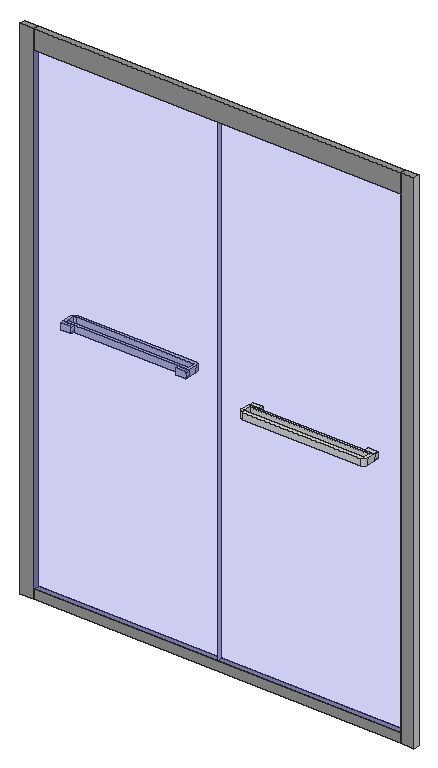
Revit family "MAMPARA ARTEMISA 1500X1950", category Generic Models, Revit 2019
Family settings
  Can host rebar = No
  Round Connector Dimension = Use Diameter
  Part Type = Normal
  Work Plane-Based = No
  Always vertical = Yes
  Cut with Voids When Loaded = No
  Shared = No
  Room Calculation Point = No
Reference planes
  plane 1 "Center (Front/Back)": y = 0
  plane 2: z = 0
  plane 3 "Center (Left/Right)": x = 0
Forms (mm)
  Extrusion 1, solid
    sketch origin (0, 0, 0) x (1, 0, 0) y (0, 0, 1)
      loop
        line (-150, 0) -> (-100, 0) -> (-100, 1950) -> (-150, 1950) -> (-150, 0)
      loop
        line (1350, 1950) -> (1300, 1950) -> (1300, 0) -> (1350, 0) -> (1350, 1950)
    from 0 to 22.969
  Extrusion 2, solid
    sketch origin (0, 0, 0) x (1, 0, 0) y (0, 0, 1)
      loop
        line (-100, 1950) -> (-100, 1876) -> (1300, 1876) -> (1300, 1950) -> (-100, 1950)
      loop
        line (-100, 0) -> (1300, 0) -> (1300, 35) -> (-100, 35) -> (-100, 0)
    from 0 to 22.969
  Extrusion 3, solid
    sketch origin (0, 0, 0) x (1, 0, 0) y (0, 0, 1)
      loop
        line (-100, 1876) -> (-100, 35) -> (600, 35) -> (600, 1876) -> (-100, 1876)
    from 2.383 to 20.088
  Extrusion 4, solid
    sketch origin (0, 0, 0) x (1, 0, 0) y (0, 0, 1)
      loop
        line (600, 1876) -> (600, 35) -> (1300, 35) -> (1300, 1876) -> (600, 1876)
    from 2.383 to 20.088
  Extrusion 5, solid
    sketch origin (-67.5, 0, 0) x (1, 0, 0) y (0, 0, 1)
      loop
        arc (52.5, 944.587) -> (53.379, 942.466) -> (55.5, 941.587) r 3
        line (55.5, 941.587) -> (89.5, 941.587)
        arc (89.5, 941.587) -> (91.621, 942.466) -> (92.5, 944.587) r 3
        line (92.5, 944.587) -> (92.5, 962.608)
        arc (92.5, 962.608) -> (91.621, 964.729) -> (89.5, 965.608) r 3
        line (89.5, 965.608) -> (55.5, 965.608)
        arc (55.5, 965.608) -> (53.379, 964.729) -> (52.5, 962.608) r 3
        line (52.5, 962.608) -> (52.5, 944.587)
      loop
        line (532.5, 944.587) -> (532.5, 962.608)
        arc (532.5, 962.608) -> (531.621, 964.729) -> (529.5, 965.608) r 3
        line (529.5, 965.608) -> (495.5, 965.608)
        arc (495.5, 965.608) -> (493.379, 964.729) -> (492.5, 962.608) r 3
        line (492.5, 962.608) -> (492.5, 944.587)
        arc (492.5, 944.587) -> (493.379, 942.466) -> (495.5, 941.587) r 3
        line (495.5, 941.587) -> (529.5, 941.587)
        arc (529.5, 941.587) -> (531.621, 942.466) -> (532.5, 944.587) r 3
    from -12.63 to 0
  Extrusion 6, solid
    sketch origin (0, 0, 0) x (1, 0, 0) y (0, 0, 1)
      loop
        arc (735, 944.587) -> (735.879, 942.466) -> (738, 941.587) r 3
        line (738, 941.587) -> (772, 941.587)
        arc (772, 941.587) -> (774.121, 942.466) -> (775, 944.587) r 3
        line (775, 944.587) -> (775, 962.608)
        arc (775, 962.608) -> (774.121, 964.729) -> (772, 965.608) r 3
        line (772, 965.608) -> (738, 965.608)
        arc (738, 965.608) -> (735.879, 964.729) -> (735, 962.608) r 3
        line (735, 962.608) -> (735, 944.587)
      loop
        line (1215, 944.587) -> (1215, 962.608)
        arc (1215, 962.608) -> (1214.121, 964.729) -> (1212, 965.608) r 3
        line (1212, 965.608) -> (1178, 965.608)
        arc (1178, 965.608) -> (1175.879, 964.729) -> (1175, 962.608) r 3
        line (1175, 962.608) -> (1175, 944.587)
        arc (1175, 944.587) -> (1175.879, 942.466) -> (1178, 941.587) r 3
        line (1178, 941.587) -> (1212, 941.587)
        arc (1212, 941.587) -> (1214.121, 942.466) -> (1215, 944.587) r 3
    from 22.969 to 38.075
  Extrusion 7, solid
    sketch origin (-67.5, 0, 0) x (1, 0, 0) y (0, 1, 0)
      loop
        line (52.5, 12.63) -> (532.5, 12.63) -> (532.5, 47.63)
        arc (532.5, 47.63) -> (528.107, 58.237) -> (517.5, 62.63) r 15
        line (517.5, 62.63) -> (67.5, 62.63)
        arc (67.5, 62.63) -> (56.893, 58.237) -> (52.5, 47.63) r 15
        line (52.5, 47.63) -> (52.5, 12.63)
      loop
        line (62.5, 22.63) -> (522.5, 22.63) -> (522.5, 47.63)
        arc (522.5, 47.63) -> (521.036, 51.166) -> (517.5, 52.63) r 5
        line (517.5, 52.63) -> (67.5, 52.63)
        arc (67.5, 52.63) -> (63.964, 51.166) -> (62.5, 47.63) r 5
        line (62.5, 47.63) -> (62.5, 22.63)
      loop
        line (802.5, -38.075) -> (802.5, -73.075)
        arc (802.5, -73.075) -> (806.893, -83.681) -> (817.5, -88.075) r 15
        line (817.5, -88.075) -> (1267.5, -88.075)
        arc (1267.5, -88.075) -> (1278.107, -83.681) -> (1282.5, -73.075) r 15
        line (1282.5, -73.075) -> (1282.5, -38.075) -> (802.5, -38.075)
      loop
        line (812.5, -48.075) -> (812.5, -73.075)
        arc (812.5, -73.075) -> (813.964, -76.61) -> (817.5, -78.075) r 5
        line (817.5, -78.075) -> (1267.5, -78.075)
        arc (1267.5, -78.075) -> (1271.036, -76.61) -> (1272.5, -73.075) r 5
        line (1272.5, -73.075) -> (1272.5, -48.075) -> (812.5, -48.075)
    from 941.587 to 965.608
Dimensions and locks
  aligned and locked: level to plane 2
